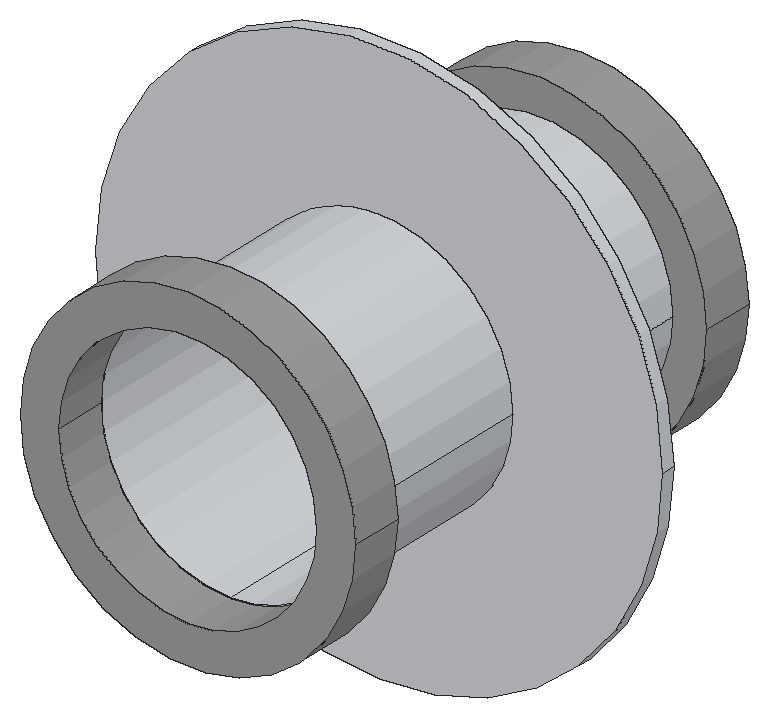
Revit family "套管-圓形_無", category 管附件, Revit 2022
Family settings
  圓形接點標註 = 使用直徑
  組件類型 = 正常
  以工作平面為基礎 = 否
  總是垂直 = 是
  載入時使用空心切割 = 是
  共用 = 否
Parameters (values of type "止水套管-100A")
  管道標稱直徑 [instance] = ""
  管外半徑 [instance] = 管外直徑 / 2  # 51.55 mm
  立面高程 [instance] = 0 mm
  穿越構件 [instance] = ""
  物件高程 [instance] = if(BOP, 立面高程 - 管外半徑, if(TOP, 立面高程 + 管外半徑, 立面高程))  # -51.55 mm
  止水版直徑 = 220 mm
  止水板厚度 = 5 mm
  止水板 = yes
  厚度 [instance] = 3.1 mm
  凸緣 = yes
  長度 [instance] = 150 mm
  來源管線Id [instance] = ""
  TOP [instance] = no
  HB_族群版本 = "2026.09.08.01"
  Diatot = 標稱直徑 + 邊界寬度  # 130 mm
  管外直徑 [instance] = 標稱直徑 + 厚度  # 103.1 mm
  標稱直徑 = 100 mm
  預設高程 = 0 mm
  邊界寬度 = 30 mm
  BOP [instance] = yes
Types (16, lengths in mm): name | 管外半徑 | 物件高程 | 止水版直徑 | 止水板厚度 | 止水板 | 厚度 | 長度 | HB_族群版本 | Diatot | 管外直徑 | 標稱直徑
  止水套管-50A | 25.9 | -25.9 | 160 | 4 | yes | 1.8 | 100 | "2026.08.26.01" | 80 | 51.8 | 50
  套管-80A | 43.5 | -43.5 | 97.5 | 5 | no | 7 | 100 | "2026.08.26.01" | 110 | 87 | 80
  套管-100A | 51.55 | -51.55 | 220 | 5 | no | 3.1 | 150 | "2026.08.26.01" | 130 | 103.1 | 100
  止水套管-65A | 33.85 | -33.85 | 180 | 4.5 | yes | 2.7 | 100 | "2026.08.26.01" | 95 | 67.7 | 65
  套管-25A | 13.4 | -13.4 | 220 | 5 | no | 1.8 | 100 | "2026.08.26.01" | 55 | 26.8 | 25
  套管-125A | 64.55 | -64.55 | 125 | 5.5 | no | 4.1 | 100 | "2026.08.26.01" | 155 | 129.1 | 125
  套管-150A | 77.55 | -77.55 | 137.5 | 6 | no | 5.1 | 100 | "2026.08.26.01" | 180 | 155.1 | 150
  套管-200A | 103.2 | -103.2 | 220 | 5 | no | 6.4 | 100 | "2026.08.26.01" | 230 | 206.4 | 200
  套管-250A | 128.9 | -128.9 | 220 | 5 | no | 7.8 | 100 | "2026.08.26.01" | 280 | 257.8 | 250
  止水套管-100A | 51.55 | -51.55 | 220 | 5 | yes | 3.1 | 150 | "2026.09.08.01" | 130 | 103.1 | 100
  止水套管-125A | 64.55 | -64.55 | 250 | 5.5 | yes | 4.1 | 100 | "2026.08.26.01" | 155 | 129.1 | 125
  止水套管-150A | 77.55 | -77.55 | 275 | 6 | yes | 5.1 | 100 | "2026.08.26.01" | 180 | 155.1 | 150
  止水套管-80A | 43.5 | -43.5 | 195 | 5 | yes | 7 | 100 | "2026.08.26.01" | 110 | 87 | 80
  套管-50A | 25.9 | -25.9 | 80 | 4 | no | 1.8 | 100 | "2026.08.26.01" | 80 | 51.8 | 50
  套管-40A | 20.9 | -20.9 | 220 | 5 | no | 1.8 | 100 | "2026.08.26.01" | 70 | 41.8 | 40
  止水套管-40A | 20.9 | -20.9 | 220 | 5 | no | 1.8 | 100 | "2026.08.26.01" | 70 | 41.8 | 40
Reference planes
  plane 1 "Center (Front/Back)": y = 0
  plane 2: z = 0
  plane 3 "Center (Left/Right)": x = 0
Forms (mm)
  Extrusion 1, void
    sketch origin (0, -125, 0) x (0, 0, 1) y (1, 0, 0)
      loop
        circle (0, 0) r 50
    from 200 to 50
  Extrusion 2, solid, material "預設", visible <- "凸緣"
    sketch origin (0, 0, 0) x (1, 0, 0) y (0, 0, 1)
      loop
        circle (0, 0) r 65
      loop
        circle (0, 0) r 50
    from 75 to 95.191
  Extrusion 3, solid, material "預設", visible <- "凸緣"
    sketch origin (0, 0, 0) x (1, 0, 0) y (0, 0, -1)
      loop
        circle (0, 0) r 65
      loop
        circle (0, 0) r 50
    from 75 to 95
  Extrusion 4, solid
    sketch origin (0, -125, 0) x (0, 0, 1) y (1, 0, 0)
      loop
        circle (0, 0) r 50
      loop
        circle (0, 0) r 51.55
    from 200 to 50
  Extrusion 5, solid, visible <- "止水板"
    sketch origin (25, -125, 0) x (0, 0, 1) y (1, 0, 0)
      loop
        circle (0, -25) r 51.55
      loop
        circle (0, -25) r 110
    from 127.5 to 122.5
Dimensions and locks
  plane 3 "Center (Left/Right)" to Extrusion 1 = 0 mm
  level to plane 3 "Center (Left/Right)" = 0 mm
  equal spacing: Extrusion 1, plane 1 "Center (Front/Back)", Extrusion 1
  locked: Extrusion 2 to Extrusion 2 at 20.191
  "長度": Extrusion 2 to Extrusion 3
  locked: Extrusion 3 to Extrusion 3 at 20
  equal spacing: Extrusion 3, plane 1 "Center (Front/Back)", Extrusion 2
  "長度": Extrusion 1 to Extrusion 1
  Extrusion 4 to Extrusion 4 = 150 mm
  equal spacing: Extrusion 5, plane 1 "Center (Front/Back)", Extrusion 5
  "止水板厚度": Extrusion 5 to Extrusion 5
  "標稱直徑": diameter of Extrusion 1 sketch curve
  "標稱直徑": diameter of Extrusion 2 sketch curve
  "Diatot": diameter of Extrusion 2 sketch curve
  "標稱直徑": diameter of Extrusion 3 sketch curve
  "Diatot": diameter of Extrusion 3 sketch curve
  "標稱直徑": diameter of Extrusion 4 sketch curve
  "管外直徑": diameter of Extrusion 4 sketch curve
  "管外直徑": diameter of Extrusion 5 sketch curve
  "止水版直徑": diameter of Extrusion 5 sketch curve
  aligned and locked: level to plane 2
  aligned and locked: Extrusion 4 to Extrusion 3
  aligned and locked: Extrusion 4 to Extrusion 2
Automatic sketch dimensions
  Extrusion 1 sketch curve to level = 0 mm
  Extrusion 1 sketch curve to plane 3 "Center (Left/Right)" = 0 mm
  Extrusion 2 sketch curve to Extrusion 2 sketch curve = 0 mm  (x2)
  Extrusion 2 sketch curve to level = 0 mm
  Extrusion 2 sketch curve to plane 3 "Center (Left/Right)" = 0 mm
  Extrusion 3 sketch curve to Extrusion 3 sketch curve = 0 mm  (x2)
  Extrusion 3 sketch curve to level = 0 mm
  Extrusion 3 sketch curve to plane 3 "Center (Left/Right)" = 0 mm
  Extrusion 4 sketch curve to Extrusion 4 sketch curve = 0 mm  (x6)
  Extrusion 4 sketch curve to level = 0 mm
  Extrusion 4 sketch curve to plane 3 "Center (Left/Right)" = 0 mm
  Extrusion 5 sketch curve to Extrusion 5 sketch curve = 0 mm  (x2)
  Extrusion 5 sketch curve to level = 0 mm
  Extrusion 5 sketch curve to plane 3 "Center (Left/Right)" = 0 mm
